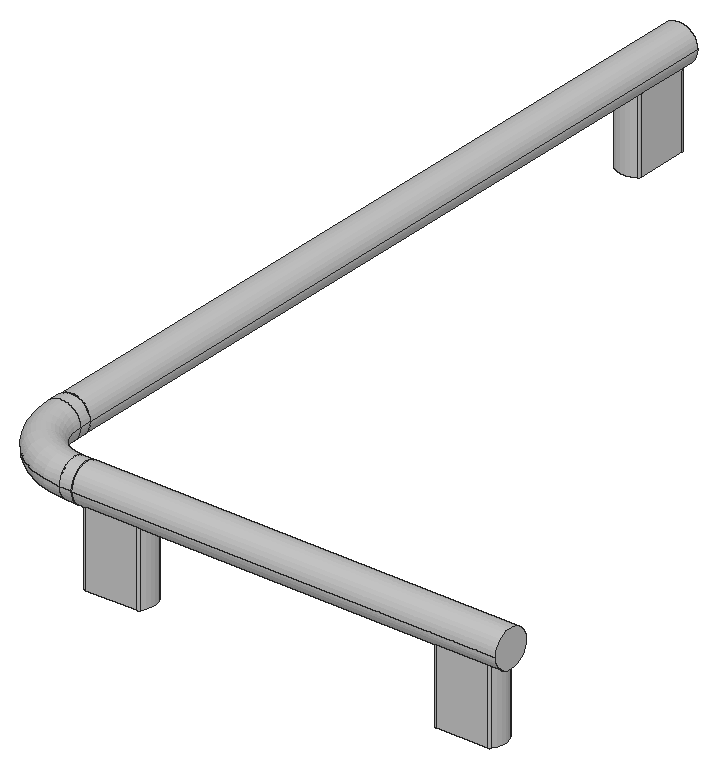
Revit family "687380BN OPAL SUPPORT RAIL 90 DEGREE ANGLED BRUSHED NICKEL", category Plumbing Fixtures, host Face, Revit 2019
Family settings
  Host = Face
  Round Connector Dimension = Use Radius
  Part Type = Normal
  OmniClass Number = 23.40.20.21.47
  OmniClass Title = Bath Grab Bars
  Cut with Voids When Loaded = No
  Shared = No
  Room Calculation Point = No
Parameters (values of type "OPAL SUPPORT RAIL 90 DEGREE ANGLED BRUSHED NICKEL")
  Waste Connection = no
  Vent Connection = no
  URL = "https://www.caroma.com.au/"
  Rail_Height = 75 mm
  Model = "687380BN"
  Material_Base = GWA_Metal-Brushed-Nickel
  Manufacturer = "GWA Bathrooms & Kitchens"  # constant formula
  HW Connection = no
  Description = "OPAL SUPPORT RAIL 90 DEGREE ANGLED BRUSHED NICKEL"
  Default Elevation = 0 mm
  CreatedBy_ANZRS = "GWA Bathrooms & Kitchens"  # constant formula
  CW Connection = no
  Assembly Code = "C1030200"
Reference planes
  plane 1 "Center (Front/Back)": y = 0
  plane 2: z = 0
  plane 3 "Center (Left/Right)": x = 0
  plane 4 "Rail_Centre": z = 75
Forms (mm)
  Extrusion 1, solid, material "GWA_Metal-Brushed-Nickel" <- "Material_Base"
    sketch origin (225, 0, 0) x (-1, 0, 0) y (0, -1, 0)
      loop
        arc (246.722, -11.5) -> (248.222, -11.098) -> (249.321, -10) r 3
        arc (249.321, -10) -> (252, 0) -> (249.321, 10) r 20
        arc (249.321, 10) -> (248.222, 11.098) -> (246.722, 11.5) r 3
        line (246.722, 11.5) -> (203.278, 11.5)
        arc (203.278, 11.5) -> (201.778, 11.098) -> (200.679, 10) r 3
        arc (200.679, 10) -> (198, 0) -> (200.679, -10) r 20
        arc (200.679, -10) -> (201.778, -11.098) -> (203.278, -11.5) r 3
        line (203.278, -11.5) -> (246.722, -11.5)
    from 0 to 75
  Sweep 2, solid, material "GWA_Metal-Brushed-Nickel" <- "Material_Base"
    path origin (0, 0, 75) x (1, 0, 0) y (0, 1, 0)
      loop
        line (32.5, 0) -> (-340.65, 0)
        arc (-340.65, 0) -> (-379.541, 16.109) -> (-395.65, 55) r 55
        line (-395.65, 55) -> (-395.65, 714.65)
    profile origin (-154.075, 0, 75) x (0, -1, 0) y (0, 0, 1)
      loop
        circle (0, 0) r 16
  Extrusion 3, solid, material "GWA_Metal-Brushed-Nickel" <- "Material_Base"
    sketch origin (-75, 0, 0) x (-1, 0, 0) y (0, -1, 0)
      loop
        arc (246.722, -11.5) -> (248.222, -11.098) -> (249.321, -10) r 3
        arc (249.321, -10) -> (252, 0) -> (249.321, 10) r 20
        arc (249.321, 10) -> (248.222, 11.098) -> (246.722, 11.5) r 3
        line (246.722, 11.5) -> (203.278, 11.5)
        arc (203.278, 11.5) -> (201.778, 11.098) -> (200.679, 10) r 3
        arc (200.679, 10) -> (198, 0) -> (200.679, -10) r 20
        arc (200.679, -10) -> (201.778, -11.098) -> (203.278, -11.5) r 3
        line (203.278, -11.5) -> (246.722, -11.5)
    from 0 to 75
  Extrusion 4, solid, material "GWA_Metal-Brushed-Nickel" <- "Material_Base"
    sketch origin (-395.65, 457.15, 0) x (0, 1, 0) y (-1, 0, 0)
      loop
        arc (246.722, -11.5) -> (248.222, -11.098) -> (249.321, -10) r 3
        arc (249.321, -10) -> (252, 0) -> (249.321, 10) r 20
        arc (249.321, 10) -> (248.222, 11.098) -> (246.722, 11.5) r 3
        line (246.722, 11.5) -> (203.278, 11.5)
        arc (203.278, 11.5) -> (201.778, 11.098) -> (200.679, 10) r 3
        arc (200.679, 10) -> (198, 0) -> (200.679, -10) r 20
        arc (200.679, -10) -> (201.778, -11.098) -> (203.278, -11.5) r 3
        line (203.278, -11.5) -> (246.722, -11.5)
    from 0 to 75
  Extrusion 5, void
    sketch origin (0, 0, 75) x (-1, 0, 0) y (0, -1, 0)
      loop
        line (420, -65) -> (370, -65) -> (370, -65.8) -> (420, -65.8) -> (420, -65)
    from -40 to 40
  Extrusion 6, void
    sketch origin (0, 0, 75) x (-1, 0, 0) y (0, -1, 0)
      loop
        line (330.65, -21) -> (330.65, 20.01) -> (329.85, 20.01) -> (329.85, -21) -> (330.65, -21)
    from -40 to 40
Cuts and joins
  Extrusion 5, Extrusion 6 cuts Sweep 2
  joined: Extrusion 1, Sweep 2, Extrusion 3, Extrusion 4
Lines and regions (mm)
  Masking region 1
    outline origin (0, 0, 75) x (-1, 0, 0) y (0, -1, 0)
      loop
        line (379.65, -714.65) -> (411.65, -714.65) -> (411.65, -65.8) -> (379.65, -65.8) -> (379.65, -714.65)
      loop
        line (-32.5, -16) -> (329.85, -16) -> (329.85, 16) -> (-32.5, 16) -> (-32.5, -16)
      loop
        arc (411.65, -55) -> (390.855, -4.795) -> (340.65, 16) r 71
        line (340.65, 16) -> (330.65, 16) -> (330.65, -16) -> (340.65, -16)
        arc (340.65, -16) -> (368.227, -27.423) -> (379.65, -55) r 39
        line (379.65, -55) -> (379.65, -65) -> (411.65, -65) -> (411.65, -55)
  Masking region 2
    outline origin (0, 0, 0) x (1, 0, 0) y (0, 0, 1)
      loop
        line (32.5, 91) -> (-395.65, 91)
        arc (-395.65, 91) -> (-410.381, 81.245) -> (-407.15, 63.876) r 16
        line (-407.15, 63.876) -> (-407.15, 0) -> (-384.15, 0) -> (-384.15, 59) -> (-327, 59) -> (-327, 0) -> (-273, 0) -> (-273, 59) -> (-27, 59) -> (-27, 0) -> (27, 0) -> (27, 59) -> (32.5, 59) -> (32.5, 91)
  Masking region 3
    outline origin (0, 0, 0) x (0, 1, 0) y (0, 0, 1)
      loop
        arc (0, 91) -> (-14.731, 81.245) -> (-11.5, 63.876) r 16
        line (-11.5, 63.876) -> (-11.5, 0) -> (11.5, 0) -> (11.5, 59) -> (655.15, 59) -> (655.15, 0) -> (709.15, 0) -> (709.15, 59) -> (714.65, 59) -> (714.65, 91) -> (0, 91)
  symbolic lines
    curve 1: line (27, 0, 0) -> (27, 0, 59)
    curve 2: line (27, 0, 0) -> (-27, 0, 0)
    curve 3: line (-27, 0, 0) -> (-27, 0, 59)
    curve 4: line (-21.774, 0, 63.876) -> (21.774, 0, 63.876)
    curve 5: line (27, 0, 59) -> (24.152, 0, 62.704)
    curve 6: arc (21.774, 0, 63.876) -> (23.099, 0, 63.567) -> (24.152, 0, 62.704) r 3
    curve 7: line (-27, 0, 59) -> (-24.152, 0, 62.704)
    curve 8: arc (-21.774, 0, 63.876) -> (-23.099, 0, 63.567) -> (-24.152, 0, 62.704) r 3
    curve 9: line (32.5, 0, 59) -> (32.5, 0, 91)
    curve 10: line (32.5, 0, 91) -> (-395.65, 0, 91)
    curve 11: line (32.5, 0, 59) -> (27, 0, 59)
    curve 12: line (-27, 0, 59) -> (-273, 0, 59)
    curve 13: line (-411.65, 714.65, 75) -> (-379.65, 714.65, 75)
    curve 14: line (-379.65, 714.65, 75) -> (-379.65, 65.8, 75)
    curve 15: line (-411.65, 714.65, 75) -> (-411.65, 65.8, 75)
    curve 16: line (32.5, -16, 75) -> (-329.85, -16, 75)
    curve 17: line (32.5, -16, 75) -> (32.5, 16, 75)
    curve 18: line (32.5, 16, 75) -> (-329.85, 16, 75)
    curve 19: line (-329.85, 16, 75) -> (-329.85, -16, 75)
    curve 20: line (-330.65, 16, 75) -> (-330.65, -16, 75)
    curve 21: line (-411.65, 65, 75) -> (-379.65, 65, 75)
    curve 22: line (-411.65, 65.8, 75) -> (-379.65, 65.8, 75)
    curve 23: line (-411.65, 65, 75) -> (-411.65, 55, 75)
    curve 24: line (-330.65, -16, 75) -> (-340.65, -16, 75)
    curve 25: line (-330.65, 16, 75) -> (-340.65, 16, 75)
    curve 26: line (-379.65, 65, 75) -> (-379.65, 55, 75)
    curve 27: arc (-379.65, 55, 75) -> (-368.227, 27.423, 75) -> (-340.65, 16, 75) r 39
    curve 28: arc (-411.65, 55, 75) -> (-390.855, 4.795, 75) -> (-340.65, -16, 75) r 71
    curve 29: line (-273, 0, 0) -> (-273, 0, 59)
    curve 30: line (-273, 0, 0) -> (-327, 0, 0)
    curve 31: line (-327, 0, 0) -> (-327, 0, 59)
    curve 32: line (-321.774, 0, 63.876) -> (-278.226, 0, 63.876)
    curve 33: line (-273, 0, 59) -> (-275.848, 0, 62.704)
    curve 34: arc (-278.226, 0, 63.876) -> (-276.901, 0, 63.567) -> (-275.848, 0, 62.704) r 3
    curve 35: line (-327, 0, 59) -> (-324.152, 0, 62.704)
    curve 36: arc (-321.774, 0, 63.876) -> (-323.099, 0, 63.567) -> (-324.152, 0, 62.704) r 3
    curve 37: circle (-395.65, 0, 75) r 16 normal (0, -1, 0)
    curve 38: line (-384.15, 0, 0) -> (-407.15, 0, 0)
    curve 39: line (-407.15, 0, 0) -> (-407.15, 0, 63.876)
    curve 40: line (-384.15, 0, 0) -> (-384.15, 0, 63.876)
    curve 41: line (-330.65, 0, 59) -> (-330.65, 0, 91)
    curve 42: line (-329.85, 0, 59) -> (-329.85, 0, 91)
    curve 43: line (-327, 0, 59) -> (-384.15, 0, 59)
    curve 44: circle (0, 0, 75) r 16 normal (1, 0, 0)
    curve 45: line (0, 11.5, 0) -> (0, -11.5, 0)
    curve 46: line (0, -11.5, 0) -> (0, -11.5, 63.876)
    curve 47: line (0, 0, 59) -> (0, 655.15, 59)
    curve 48: line (0, 0, 91) -> (0, 714.65, 91)
    curve 49: line (0, 11.5, 0) -> (0, 11.5, 59)
    curve 50: line (0, 714.65, 91) -> (0, 714.65, 59)
    curve 51: line (0, 655.15, 0) -> (0, 655.15, 59)
    curve 52: line (0, 714.65, 59) -> (0, 709.15, 59)
    curve 53: line (0, 709.15, 0) -> (0, 709.15, 59)
    curve 54: line (0, 65, 91) -> (0, 65, 59)
    curve 55: line (0, 65.8, 91) -> (0, 65.8, 59)
    curve 56: line (0, 703.938, 63.876) -> (0, 660.362, 63.876)
    curve 57: line (0, 655.15, 59) -> (0, 657.98, 62.699)
    curve 58: arc (0, 660.362, 63.876) -> (0, 659.034, 63.565) -> (0, 657.98, 62.699) r 3
    curve 59: line (0, 709.15, 59) -> (0, 706.32, 62.699)
    curve 60: arc (0, 703.938, 63.876) -> (0, 705.266, 63.565) -> (0, 706.32, 62.699) r 3
Dimensions and locks
  aligned and locked: plane 2 to host face
  aligned and locked: level to host face
